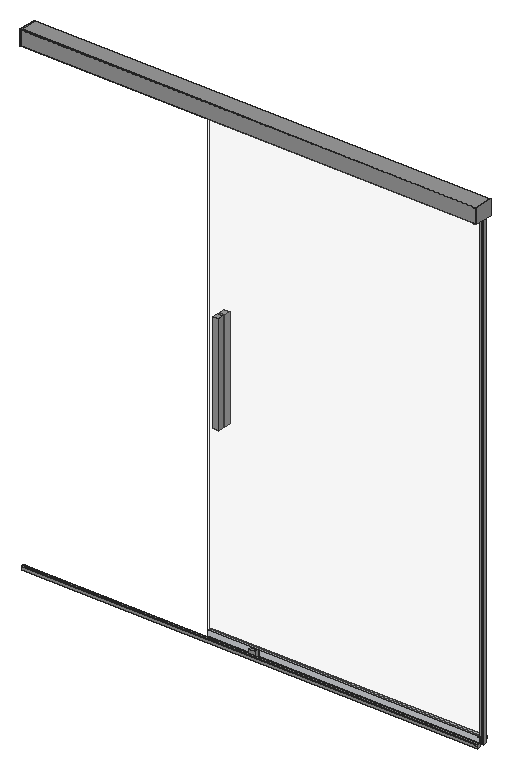
Revit family "Sanitary_Shower-screens_Duscholux_D5Custom20_Slider-1door-bath", category Aparatos sanitarios, Revit 2019
Family settings
  Cota de conector redondo = Diámetro de uso
  Tipo de pieza = Normal
  Número OmniClass = 23.45.00.00
  Título OmniClass = Sanitary, Laundry, and Cleaning Equipment
  Se basa en plano de trabajo = No
  Siempre vertical = Sí
  Corte con vacíos al cargar = No
  Compartido = No
  Punto de cálculo de habitación = No
Parameters (values of type "Black Aluminium Finish")
  Uper profile guide = Anodized Aluminium_Duscholux Material-Black Finish
  URL = "http://www.duscholux.es/"
  Thickness Safety Glass Sliding = 8 mm  # constant formula
  Technical Inspection Certificate (Applus) = "http://www.duscholux.es/resources/custom/var/APPLUS_en.pdf"
  Series = "D5"
  Ref. = "UBI / UBD"
  Products = "http://www.duscholux.es/mamparas_filtro.aspx?es"
  Optional = "Towel rail / Shelf / Customizable Uper profile guide"
  Opening System Image = "https://duscholux.es/resources/custom/img/mamparas/plumas/0F1PFBC.gif"
  Opening System = "Sliding"
  Opening Percentage = 0
  Modelo = "D5 Custom20"
  Maintenance and Cleaning = "http://www.duscholux.es/mamparas_limpieza.aspx?en"
  Image = "https://duscholux.es/resources/custom/img/mamparas/D5%20CUSTOM20/modelos/0F1PFBC/mampara_h.jpg"
  Handle Material = Anodized Aluminium_Duscholux Material-Black Finish
  Glass in Building UNE EN 12150 = "CE Conformity marking"
  Glass Material = Glass_Material-Duscholux
  Frame Material = Anodized Aluminium_Duscholux Material-Black Finish
  Fact Sheet = "https://duscholux.blob.core.windows.net/pdf2022/en/Custom1PFB.pdf"
  Fabricante = "Duscholux Ibérica, S.A."
  Thickness Safety Glass Fixed Panel = 8 mm  # constant formula
  Environmental Management ISO 14001 = "ECOEMBES Certificate"
  Descripción = "1 sliding door bath"
  Configuration enclosure = "http://configuratumampara.duscholux.es/eCatalogo.aspx"
  Components = "Eropean components"
  Combinations = "Lateral 90°"
  Código de montaje = "C1030200"
  Certified Quality UNE EN 14428 = "http://www.duscholux.es/duscholux_downloads.aspx?es"
  Opening Door = (((Min Max Width - Sliding Door Width) - 11 mm) * Opening Percentage / 100)  # 0 mm
  Sliding Door Width = (Min Max Width) - (Min Max Width * 0.4)  # 960 mm
  Min Max Width = if(Width < 1160 mm, 1160 mm, if(Width > 2100 mm, 2100 mm, Width))  # 1600 mm
  Width = 1600 mm
  Handle Height = (Max Height / 2) + Bath Height  # 1250 mm
  Max Height = if(Height > 1800 mm, 1800 mm, Height)  # 1700 mm
  Height = 1700 mm
  Bath Height = 400 mm
  Accesories Material = Anodized Aluminium_Duscholux Material-Black Finish
Types (4, lengths in mm): name | Uper profile guide | Handle Material | Frame Material | Accesories Material
  (no name) | Anodized Aluminium_Duscholux Material-Black Finish | Anodized Aluminium_Duscholux Material-Black Finish | Anodized Aluminium_Duscholux Material-Black Finish | Anodized Aluminium_Duscholux Material-Black Finish
  Matte Silver Aluminium Finish | Anodized Aluminium_Duscholux Material-Matte Silver Finish | Zamac_Duscholux Material-Chrome Finish | Anodized Aluminium_Duscholux Material-Matte Silver Finish | Anodized Aluminium_Duscholux Material-Platinum Finish
  Platinum Aluminium Finish | Anodized Aluminium_Duscholux Material-Platinum Finish | Zamac_Duscholux Material-Chrome Finish | Anodized Aluminium_Duscholux Material-Platinum Finish | Anodized Aluminium_Duscholux Material-Platinum Finish
  Black Aluminium Finish | Anodized Aluminium_Duscholux Material-Black Finish | Anodized Aluminium_Duscholux Material-Black Finish | Anodized Aluminium_Duscholux Material-Black Finish | Anodized Aluminium_Duscholux Material-Black Finish
Reference planes
  plane 1 "Centro (Frontal/Posterior)": y = 0
  plane 2: z = 0
  plane 3 "Centro (Izquierda/Derecha)": x = -5.5
  plane 4: z = 2100
  plane 5: x = 1591.5
  plane 6: x = -8.5
  plane 7: z = 400
  plane 8: x = 1588.5
  plane 9: x = 791.5
  plane 10: x = 777.25
  plane 11: y = 26.104
  plane 12: x = 1583.5
  plane 13: z = 0
  plane 14: z = 2048
  plane 15: z = 2053.154
  plane 16: y = 26.104
  plane 17: x = 780
  plane 18: x = 803
  plane 19: x = 781
  plane 20: x = 802
  plane 21: x = 5
  plane 22: z = 0
  plane 23: z = 1250
  plane 24: z = 403.247
Forms (mm)
  Extrusion 1, solid, material "Glass_Material-Duscholux" <- "Glass Material"
    sketch origin (-224.526, -5.278, 0) x (1, 0, 0) y (0, 1, 0)
      loop
        line (848.026, 35.382) -> (848.026, 27.382) -> (1802.479, 27.382) -> (1802.479, 35.382) -> (848.026, 35.382)
    from 403.247 to 2048
  Extrusion 2, solid, material "Anodized Aluminium_Duscholux Material-Black Finish" <- "Accesories Material", detail levels fine
    sketch origin (-5.5, -2.57, 450) x (0, 1, 0) y (0, 0, 1)
      loop
        line (-2.433, -42.421) -> (-2.433, -50) -> (7.636, -50) -> (7.636, -42.426)
        arc (7.636, -42.426) -> (6.912, -40.68) -> (5.166, -39.957) r 2.47
        line (5.166, -39.957) -> (0.032, -39.957)
        arc (0.032, -39.957) -> (-1.711, -40.679) -> (-2.433, -42.421) r 2.465
    from -3 to 1597
  Extrusion 3, solid, material "Anodized Aluminium_Duscholux Material-Black Finish" <- "Uper profile guide"
    sketch origin (-5.5, 0, 0) x (0, 1, 0) y (0, 0, 1)
      loop
        line (-9.997, 2099) -> (-9.997, 2049.124) -> (-7.5, 2049.124) -> (-7.5, 2099) -> (-9.997, 2099)
    from 0 to 1594
  Extrusion 4, solid, material "Anodized Aluminium_Duscholux Material-Black Finish" <- "Accesories Material"
    sketch origin (0, 0, 0) x (1, 0, 0) y (0, 1, 0)
      loop
        line (1591.5, 30.913) -> (1584.329, 30.405)
        arc (1584.329, 30.405) -> (1583.739, 30.119) -> (1583.5, 29.508) r 0.9
        line (1583.5, 29.508) -> (1583.5, 22.787)
        arc (1583.5, 22.787) -> (1583.739, 22.176) -> (1584.329, 21.89) r 0.9
        line (1584.329, 21.89) -> (1591.5, 21.382) -> (1591.5, 30.913)
    from 400 to 2048
  Extrusion 5, solid, material "Anodized Aluminium_Duscholux Material-Black Finish" <- "Frame Material"
    sketch origin (-5.5, 0, 0) x (0, 1, 0) y (0, 0, 1)
      loop
        line (-9.993, 2100) -> (-9.993, 2099) -> (-7.5, 2099) -> (-7.5, 2049.124) -> (-9.993, 2049.124) -> (-9.993, 2048) -> (-5.497, 2048) -> (-5.497, 2053.154) -> (5.503, 2053.154) -> (5.503, 2048) -> (21.382, 2048) -> (21.382, 2051.5) -> (7.803, 2051.5) -> (7.803, 2089.372) -> (42.403, 2089.372) -> (42.403, 2051.5) -> (33.536, 2051.5) -> (30.913, 2051.5) -> (30.913, 2048) -> (51.003, 2048) -> (51.003, 2100) -> (-9.993, 2100)
    from 0 to 1594
  Extrusion 6, solid, material "Anodized Aluminium_Duscholux Material-Black Finish" <- "Accesories Material"
    sketch origin (-5.5, 0, 0) x (0, 1, 0) y (0, 0, 1)
      loop
        line (51.003, 2100) -> (-9.993, 2100) -> (-9.993, 2048) -> (51.003, 2048) -> (51.003, 2100)
    from 1594 to 1597
  Extrusion 7, solid, material "Anodized Aluminium_Duscholux Material-Black Finish" <- "Accesories Material"
    sketch origin (-5.5, 0, 0) x (0, 1, 0) y (0, 0, 1)
      loop
        line (51.003, 2100) -> (-9.993, 2100) -> (-9.993, 2048) -> (-5.497, 2048) -> (5.503, 2048) -> (51.003, 2048) -> (51.003, 2100)
    from -3 to 0
  Extrusion 8, solid, material "Anodized Aluminium_Duscholux Material-Black Finish" <- "Frame Material"
    sketch origin (230.162, 0, 0) x (1, 0, 0) y (0, 1, 0)
      loop
        line (1347.79, 30.739) -> (1347.79, 21.498) -> (1353.338, 22.787) -> (1353.338, 29.508) -> (1347.79, 30.739)
    from 400 to 2048
  Extrusion 9, solid, material "Anodized Aluminium_Duscholux Material-Black Finish" <- "Accesories Material"
    sketch origin (-5.5, 0, 0) x (0, 1, 0) y (0, 0, 1)
      loop
        line (16.624, 421.54) -> (8.348, 421.54) -> (8.348, 400) -> (16.624, 400)
        arc (16.624, 400) -> (18.234, 400.59) -> (19.08, 402.081) r 2.49
        line (19.08, 402.081) -> (19.08, 418.641)
        arc (19.08, 418.641) -> (18.524, 420.66) -> (16.624, 421.54) r 2.49
    from 785.5 to 808.5
  Extrusion 10, solid, material "Anodized Aluminium_Duscholux Material-Black Finish" <- "Accesories Material"
    sketch origin (-5.5, 0, 0) x (0, 1, 0) y (0, 0, 1)
      loop
        arc (20.53, 417.613) -> (19.805, 418.338) -> (19.08, 417.613) r 0.725
        line (19.08, 417.613) -> (19.08, 402.081)
        arc (19.08, 402.081) -> (18.234, 400.59) -> (16.624, 400) r 2.49
        line (16.624, 400) -> (31.156, 400) -> (31.156, 401.937) -> (21.141, 401.937) -> (20.53, 403.247) -> (20.53, 417.613)
    from 786.5 to 807.5
  Extrusion 11, solid, detail levels fine
    sketch origin (-5.5, 0, 0) x (0, 1, 0) y (0, 0, 1)
      loop
        line (22.104, 419.859) -> (21.222, 419.859) -> (21.222, 401.937) -> (31.156, 401.937) -> (31.156, 417.87) -> (52.104, 406.92) -> (52.104, 401.207) -> (53.604, 401.207) -> (53.604, 407.939) -> (30.104, 420.223) -> (30.104, 403.247) -> (22.104, 403.247) -> (22.104, 419.859)
    from 629 to 1583.452
Dimensions and locks
  "Width": plane 6 to plane 5
  locked: plane 6 to plane 3 "Centro (Izquierda/Derecha)" at 3
  locked: plane 8 to plane 5 at 3
  equal spacing: plane 6, plane 9, plane 5
  locked: plane 10 to plane 9 at 14.25
  locked: plane 12 to plane 8 at 5
  locked: plane 4 to plane 14 at 52
  locked: plane 4 to plane 15 at 46.846
  locked: Extrusion 1 to nested 2 at 45
  locked: Extrusion 1 to nested 1 at 45
  locked: plane 17 to plane 9 at 11.5
  locked: plane 9 to plane 18 at 11.5
  locked: plane 17 to plane 19 at 1
  locked: plane 20 to plane 18 at 1
  locked: Extrusion 8 to Extrusion 8 at 5.548
  "Opening Door": Extrusion 8 to plane 12
  "Max Height": plane 4 to plane 7
  "Bath Height": plane 7 to level
  "Handle Height": plane 23 to level
  locked: Extrusion 2 to Extrusion 2 at 10.043
  "Sliding Door Width": Extrusion 1 to Extrusion 8
  locked: plane 24 to plane 7 at 3.247
  aligned and locked: level to plane 2
  aligned and locked: Extrusion 3 to plane 3 "Centro (Izquierda/Derecha)"
  aligned and locked: plane 8 to Extrusion 3
  aligned and locked: plane 8 to Extrusion 5
  aligned and locked: Extrusion 3 to Extrusion 5
  aligned and locked: plane 5 to Extrusion 6
  aligned and locked: Extrusion 6 to plane 8
  aligned and locked: Extrusion 7 to plane 6
  aligned and locked: plane 3 "Centro (Izquierda/Derecha)" to Extrusion 7
  aligned and locked: Extrusion 4 to Extrusion 5
  aligned and locked: Extrusion 5 to plane 14
  aligned and locked: plane 14 to Extrusion 1
  aligned and locked: plane 5 to Extrusion 2
  aligned and locked: Extrusion 2 to plane 6
  aligned and locked: Extrusion 8 to Extrusion 1
  aligned and locked: plane 14 to Extrusion 8
  aligned and locked: plane 23 to nested 1
  aligned and locked: plane 23 to nested 2
  aligned and locked: Extrusion 2 to plane 7
  aligned and locked: plane 18 to Extrusion 9
  aligned and locked: plane 20 to Extrusion 10
  aligned and locked: Extrusion 10 to plane 19
  aligned and locked: Extrusion 9 to plane 17
  aligned and locked: Extrusion 1 to plane 24
  aligned and locked: Extrusion 8 to plane 7
  aligned and locked: Extrusion 4 to plane 7
  aligned and locked: Extrusion 11 to Extrusion 1  (x2)
Automatic sketch dimensions
  level to Extrusion 2 sketch curve = 400 mm
  plane 1 "Centro (Frontal/Posterior)" to Extrusion 2 sketch curve = 5.003 mm
  Extrusion 2 sketch curve to Extrusion 2 sketch curve = 2.465 mm
  Extrusion 2 sketch curve to plane 1 "Centro (Frontal/Posterior)" = 2.596 mm
  Extrusion 2 sketch curve to plane 1 "Centro (Frontal/Posterior)" = 5.066 mm
  Extrusion 2 sketch curve to Extrusion 2 sketch curve = 7.574 mm
  plane 21 to Extrusion 1 sketch curve = 618.5 mm
  Extrusion 1 sketch curve to plane 11 = 4 mm
  plane 18 to Extrusion 1 sketch curve = 774.952 mm
  plane 11 to Extrusion 1 sketch curve = 4 mm
  plane 14 to Extrusion 3 sketch curve = 1.124 mm
  plane 1 "Centro (Frontal/Posterior)" to Extrusion 3 sketch curve = 9.997 mm
  Extrusion 3 sketch curve to Extrusion 3 sketch curve = 2.497 mm
  Extrusion 3 sketch curve to plane 4 = 1 mm
  Extrusion 4 sketch curve to plane 12 = 0 mm
  Extrusion 4 sketch curve to plane 5 = 0 mm
  plane 12 to Extrusion 4 sketch curve = 0.829 mm  (x2)
  plane 12 to Extrusion 4 sketch curve = 0.9 mm  (x2)
  Extrusion 4 sketch curve to plane 11 = 4.721 mm
  Extrusion 4 sketch curve to plane 11 = 4.214 mm
  plane 11 to Extrusion 4 sketch curve = 3.404 mm
  plane 11 to Extrusion 4 sketch curve = 4.809 mm
  Extrusion 5 sketch curve to plane 4 = 0 mm
  Extrusion 5 sketch curve to plane 14 = 0 mm  (x3)
  Extrusion 5 sketch curve to plane 15 = 0 mm
  plane 1 "Centro (Frontal/Posterior)" to Extrusion 5 sketch curve = 9.993 mm  (x2)
  plane 14 to Extrusion 5 sketch curve = 1.124 mm
  Extrusion 5 sketch curve to plane 4 = 1 mm
  Extrusion 5 sketch curve to Extrusion 5 sketch curve = 2.493 mm
  Extrusion 5 sketch curve to Extrusion 5 sketch curve = 2.003 mm
  Extrusion 5 sketch curve to plane 1 "Centro (Frontal/Posterior)" = 5.503 mm
  Extrusion 5 sketch curve to plane 1 "Centro (Frontal/Posterior)" = 7.803 mm
  Extrusion 5 sketch curve to plane 11 = 4.721 mm
  Extrusion 5 sketch curve to plane 15 = 1.654 mm  (x2)
  plane 11 to Extrusion 5 sketch curve = 4.809 mm
  Extrusion 5 sketch curve to Extrusion 5 sketch curve = 2.623 mm
  plane 11 to Extrusion 5 sketch curve = 16.3 mm
  Extrusion 5 sketch curve to Extrusion 5 sketch curve = 8.6 mm
  Extrusion 5 sketch curve to plane 4 = 10.628 mm
  Extrusion 6 sketch curve to plane 4 = 0 mm
  Extrusion 6 sketch curve to plane 14 = 0 mm
  plane 1 "Centro (Frontal/Posterior)" to Extrusion 6 sketch curve = 9.993 mm
  plane 11 to Extrusion 6 sketch curve = 24.9 mm
  Extrusion 7 sketch curve to plane 4 = 0 mm
  Extrusion 7 sketch curve to plane 14 = 0 mm  (x2)
  Extrusion 7 sketch curve to plane 15 = 5.154 mm
  plane 1 "Centro (Frontal/Posterior)" to Extrusion 7 sketch curve = 9.993 mm
  plane 1 "Centro (Frontal/Posterior)" to Extrusion 7 sketch curve = 5.497 mm
  Extrusion 7 sketch curve to plane 1 "Centro (Frontal/Posterior)" = 5.503 mm
  plane 11 to Extrusion 7 sketch curve = 24.9 mm
  plane 11 to Extrusion 8 sketch curve = 4.636 mm
  plane 18 to Extrusion 8 sketch curve = 774.952 mm
  Extrusion 8 sketch curve to plane 11 = 3.317 mm
  Extrusion 8 sketch curve to Extrusion 8 sketch curve = 5.548 mm
  Extrusion 8 sketch curve to plane 11 = 4.606 mm
  plane 11 to Extrusion 8 sketch curve = 3.404 mm
  Extrusion 9 sketch curve to plane 1 "Centro (Frontal/Posterior)" = 8.348 mm
  plane 7 to Extrusion 9 sketch curve = 21.54 mm
  Extrusion 9 sketch curve to Extrusion 9 sketch curve = 8.277 mm
  Extrusion 9 sketch curve to Extrusion 9 sketch curve = 2.49 mm
  Extrusion 9 sketch curve to Extrusion 9 sketch curve = 2.456 mm
  plane 7 to Extrusion 9 sketch curve = 2.081 mm
  plane 7 to Extrusion 9 sketch curve = 2.49 mm
  Extrusion 10 sketch curve to plane 11 = 6.298 mm
  Extrusion 10 sketch curve to Extrusion 10 sketch curve = 0.725 mm
  plane 7 to Extrusion 10 sketch curve = 17.613 mm
  plane 7 to Extrusion 10 sketch curve = 3.247 mm
  plane 7 to Extrusion 10 sketch curve = 1.937 mm
  Extrusion 10 sketch curve to Extrusion 10 sketch curve = 0.611 mm
  plane 11 to Extrusion 10 sketch curve = 5.053 mm
  Extrusion 10 sketch curve to Extrusion 10 sketch curve = 4.517 mm
  Extrusion 10 sketch curve to plane 7 = 0 mm  (x2)
  Extrusion 10 sketch curve to Extrusion 10 sketch curve = 0 mm
  Extrusion 10 sketch curve to Extrusion 10 sketch curve = 1.166 mm
  Extrusion 9 sketch curve to plane 7 = 0 mm
  Extrusion 11 sketch curve to plane 11 = 4.882 mm
  Extrusion 11 sketch curve to Extrusion 11 sketch curve = 0.882 mm
  plane 11 to Extrusion 11 sketch curve = 4 mm
  Extrusion 11 sketch curve to Extrusion 11 sketch curve = 1.053 mm
  plane 7 to Extrusion 11 sketch curve = 6.92 mm
  Extrusion 11 sketch curve to Extrusion 11 sketch curve = 20.947 mm
  Extrusion 11 sketch curve to Extrusion 11 sketch curve = 1.5 mm
  plane 7 to Extrusion 11 sketch curve = 3.247 mm
  Extrusion 11 sketch curve to Extrusion 11 sketch curve = 1.31 mm
  plane 7 to Extrusion 11 sketch curve = 1.207 mm
  Extrusion 11 sketch curve to Extrusion 11 sketch curve = 1.019 mm
  Extrusion 11 sketch curve to Extrusion 11 sketch curve = 16.612 mm
  Extrusion 11 sketch curve to Extrusion 11 sketch curve = 0.364 mm
  Extrusion 11 sketch curve to Extrusion 11 sketch curve = 2.353 mm
  Extrusion 7 sketch curve to Extrusion 7 sketch curve = 0 mm  (x2)
Nested families
  nested 1: "Handle-ext-D5" at (668.5, 22.104, 1250) x (-1, 0, 0) z (0, -1, 0), type "Handle-ext-D5", detail levels medium+fine
  nested 2: "Handle-int-D5" at (668.5, 30.104, 1250) x (1, 0, 0) z (0, 1, 0), type "Handle-int-D5", detail levels medium+fine
Definition of nested family "Handle-ext-D5"
  Parameters (values of type "Handle-ext-D5")
    Long. tirador = 350 mm
    Handle Material = none
    Espesor = 19 mm
    Default Elevation = 1219.2 mm
  Reference planes
    plane 1 "Centro (Frontal/Posterior)": y = 0
    plane 2: z = 0
    plane 3 "Centro (Izquierda/Derecha)": x = 0
    plane 4: y = 175
    plane 5: y = -175
    plane 6: x = -9.5
    plane 7: x = 9.5
    plane 8: z = 0
    plane 9: z = 21
  Forms (mm)
    Extrusion 1, solid
      sketch origin (0, 0, 0) x (1, 0, 0) y (0, 1, 0)
        loop
          line (-1219.2, 1219.2) -> (-1219.2, -1219.2) -> (1219.2, -1219.2) -> (1219.2, 1219.2) -> (-1219.2, 1219.2)
      from 0 to -304.8
    Extrusion 2, solid, material <- "Handle Material"
      sketch origin (0, 0, 0) x (1, 0, 0) y (0, 0, 1)
        loop
          line (-9.5, 21) -> (-9.5, 0) -> (9.5, 0) -> (9.5, 21) -> (-9.5, 21)
      from -175 to 175
  Dimensions and locks
    equal spacing: plane 4, plane 1 "Centro (Frontal/Posterior)", plane 5
    equal spacing: plane 6, plane 3 "Centro (Izquierda/Derecha)", plane 7
    "Espesor": plane 6 to plane 7
    "Long. tirador": plane 4 to plane 5
    locked: plane 9 to Extrusion 1 at 21
    aligned and locked: plane 2 to Extrusion 1
    aligned and locked: level to Extrusion 1
    aligned and locked: plane 9 to Extrusion 2
    aligned and locked: plane 7 to Extrusion 2
    aligned and locked: Extrusion 2 to plane 6
    aligned and locked: Extrusion 2 to Extrusion 1
    aligned and locked: plane 4 to Extrusion 2
    aligned and locked: Extrusion 2 to plane 5
  Automatic sketch dimensions
    Extrusion 1 sketch curve to Extrusion 1 sketch curve = 2438.4 mm  (x2)
    Extrusion 2 sketch curve to plane 6 = 0 mm
    Extrusion 2 sketch curve to level = 0 mm
    Extrusion 2 sketch curve to plane 7 = 0 mm
    Extrusion 2 sketch curve to plane 9 = 0 mm
Definition of nested family "Handle-int-D5"
  Parameters (values of type "Handle-int-D5")
    Long. tirador = 350 mm
    Handle Material = none
    Espesor = 19 mm
    Default Elevation = 1219.2 mm
  Reference planes
    plane 1 "Centro (Frontal/Posterior)": y = 0
    plane 2: z = 0
    plane 3 "Centro (Izquierda/Derecha)": x = 0
    plane 4: y = 175
    plane 5: y = -175
    plane 6: x = -9.5
    plane 7: x = 9.5
    plane 8: z = 0
    plane 9: z = 19
  Forms (mm)
    Extrusion 1, solid
      sketch origin (0, 0, 0) x (1, 0, 0) y (0, 1, 0)
        loop
          line (-1219.2, 1219.2) -> (-1219.2, -1219.2) -> (1219.2, -1219.2) -> (1219.2, 1219.2) -> (-1219.2, 1219.2)
      from 0 to -304.8
    Extrusion 2, solid, material <- "Handle Material"
      sketch origin (0, 0, 0) x (1, 0, 0) y (0, 0, 1)
        loop
          line (-9.5, 19) -> (-9.5, 0) -> (9.5, 0) -> (9.5, 19) -> (-9.5, 19)
      from -175 to 175
  Dimensions and locks
    equal spacing: plane 4, plane 1 "Centro (Frontal/Posterior)", plane 5
    equal spacing: plane 6, plane 3 "Centro (Izquierda/Derecha)", plane 7
    "Espesor": plane 6 to plane 7
    "Long. tirador": plane 4 to plane 5
    locked: plane 9 to Extrusion 1 at 19
    aligned and locked: plane 2 to Extrusion 1
    aligned and locked: level to Extrusion 1
    aligned and locked: plane 9 to Extrusion 2
    aligned and locked: plane 7 to Extrusion 2
    aligned and locked: Extrusion 2 to plane 6
    aligned and locked: Extrusion 2 to Extrusion 1
    aligned and locked: plane 4 to Extrusion 2
    aligned and locked: Extrusion 2 to plane 5
  Automatic sketch dimensions
    Extrusion 1 sketch curve to Extrusion 1 sketch curve = 2438.4 mm  (x2)
    Extrusion 2 sketch curve to plane 6 = 0 mm
    Extrusion 2 sketch curve to level = 0 mm
    Extrusion 2 sketch curve to plane 7 = 0 mm
    Extrusion 2 sketch curve to plane 9 = 0 mm
